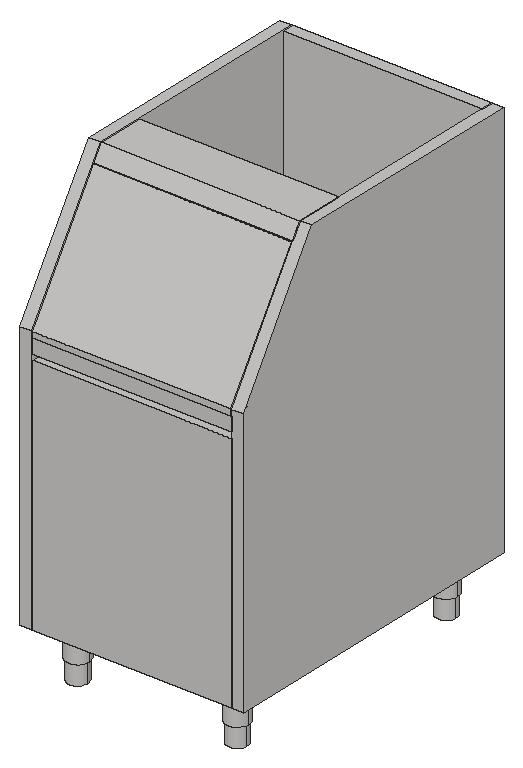
Revit family "QF_Brema_BIN110", category Specialty Equipment, Revit 2012
Parameters (values of type "BIN110")
  Width = 560 mm
  Weight = "53 kg"
  Watts = 0 W
  Volts = 0 V
  URL Cutsheet = ""
  URL = "www.bremaice.it"
  Status [instance] = ""
  Specification by User [instance] = ""
  Specification by Manufacturer [instance] = ""
  Show Logo [instance] = yes
  Show Clearance [instance] = yes
  Serial Number = ""
  Seismic Rating = ""
  SMACNA No = ""
  Revision Code [instance] = ""
  Refrigerant Volume [instance] = 0.00 kN
  Refrigerant Type = "R404A"
  Plumbing Remarks [instance] = ""
  Plumbing Connection Type [instance] = ""
  Phase = 0
  Number of Poles [instance] = 1
  NAFEM Spec ID Number = ""
  Model = "BIN110"
  Min Ckt Ampacity = 0 A
  Max Overcurrent Protection = 0 A
  Manufacturer = "BREMA"
  Item Number [instance] = ""
  Installed By [instance] = ""
  Indirect Waste Size = 1"
  Indirect Waste Radius = Indirect Waste Size / 2  # 1/2"
  Indirect Waste Flow [instance] = 0 m³/h
  Indirect Waste Connection Type [instance] = ""
  Indirect Waste Connection Height = 130 mm
  Identify Quantity as Lot [instance] = no
  Height = 1000 mm
  HP = ""
  Furnished By [instance] = ""
  Foodservice Equipment Identifier [instance] = yes
  FL Amps = 0 A
  Electrical Remarks [instance] = ""
  Electric Connection Type [instance] = ""
  Elec Conn RI Height [instance] = 0 mm
  Elec Conn Connection Height = 0 mm
  Description = "ICE STORAGE BIN"
  Depth = 815 mm
  Daily Production [instance] = "0,0 kg/24h T=21°C:15°C"
  Cycle = 0 Hz
  Conn Plug = ""
  Conn Conduit = yes
  Cold Water Temperature Recommended [instance] = 32 °C
  Cold Water Size Radius = Cold Water Size / 2  # 3/8"
  Cold Water Size = 3/4"
  Cold Water RI Height [instance] = 0 mm
  Cold Water Minimum Pressure = 1.0 bar
  Cold Water Maximum Pressure = 6.0 bar
  Cold Water Flow [instance] = 0 m³/h
  Cold Water Consumption [instance] = "0 l/kg"
  Cold Water Connection Height = 0 mm
  CSI MasterFormat = ""
  BTUH = 0 W
  Assembly Code = "E1090320"
  Apparent Power = 0 VA
Reference planes
  plane 1 "BACK": y = 0
  plane 2: z = 0
  plane 3 "LEFT": x = 0
  plane 4 "RIGHT": x = 560
  plane 5 "FRONT": y = -815
  plane 6 "TOP": z = 1130
Forms (mm)
  Extrusion 1, solid, visible <- "Show Clearance", detail levels coarse
    sketch origin (0, 0, 0) x (1, 0, 0) y (0, 1, 0)
      loop
        line (0, 50) -> (0, 0) -> (560, 0) -> (560, 50) -> (0, 50)
    from 0 to 1130
  Extrusion 2, solid
    sketch origin (585, -193.5, 130) x (-1, 0, 0) y (0, -1, 0)
      loop
        circle (305, -26.5) r 12.7
    from 0 to -20
  Extrusion 3, solid
    sketch origin (0, 0, 515) x (0, 1, 0) y (0, 0, 1)
      loop
        line (-480, 615) -> (-600, 615) -> (-622.803, 580) -> (-480, 580) -> (-480, 615)
    from 30 to 530
  Extrusion 4, solid
    sketch origin (0, 0, 30) x (0, 1, 0) y (0, 0, 1)
      loop
        line (-600, 1100) -> (-815, 770) -> (-815, 100) -> (0, 100) -> (0, 1100) -> (-600, 1100)
    from 0 to 30
  Extrusion 5, solid
    sketch origin (560, 0, 30) x (0, 1, 0) y (0, 0, 1)
      loop
        line (0, 1100) -> (-600, 1100) -> (-815, 770) -> (-815, 100) -> (0, 100) -> (0, 1100)
    from 0 to -30
  Extrusion 6, solid
    sketch origin (0, 0, 0) x (1, 0, 0) y (0, 1, 0)
      loop
        line (30, -30) -> (30, -785) -> (530, -785) -> (530, -30) -> (30, -30)
    from 130 to 150
  Extrusion 7, solid
    sketch origin (560, 0, 30) x (0, 1, 0) y (0, 0, 1)
      loop
        line (0, 1100) -> (-30, 1100) -> (-30, 100) -> (0, 100) -> (0, 1100)
    from -30 to -530
  Extrusion 8, solid
    sketch origin (-860, -815, 30) x (1, 0, 0) y (0, 0, 1)
      loop
        line (890, 705) -> (890, 100) -> (1390, 100) -> (1390, 705) -> (890, 705)
    from 0 to -30
  Extrusion 9, solid
    sketch origin (-860, -815, 170) x (1, 0, 0) y (0, 0, 1)
      loop
        line (890, 615) -> (890, 580) -> (1390, 580) -> (1390, 615) -> (890, 615)
    from 0 to -30
  Extrusion 10, solid
    sketch origin (-860, -815, 157.389) x (1, 0, 0) y (0, 0, 1)
      loop
        line (890, 592.611) -> (890, 577.611) -> (1390, 577.611) -> (1390, 592.611) -> (890, 592.611)
    from -28 to -30
  Extrusion 11, solid
    sketch origin (560, 0, 0) x (0, 1, 0) y (0, 0, 1)
      loop
        line (-624.106, 1093) -> (-815, 800) -> (-815, 785) -> (-794.935, 785) -> (-594.268, 1093) -> (-624.106, 1093)
    from -528 to -32
  Extrusion 12, solid
    sketch origin (110, -810.325, 0) x (-1, 0, 0) y (0, -1, 0)
      loop
        circle (30, -76) r 25
    from 0 to 50
  Extrusion 13, solid
    sketch origin (-280, -314.325, 130) x (-1, 0, 0) y (0, -1, 0)
      loop
        circle (-360, 420) r 29
    from -80 to 0
  Extrusion 14, solid
    sketch origin (110, -155.325, 0) x (-1, 0, 0) y (0, -1, 0)
      loop
        circle (30, -76) r 25
    from 0 to 50
  Extrusion 15, solid
    sketch origin (-280, 340.675, 130) x (-1, 0, 0) y (0, -1, 0)
      loop
        circle (-360, 420) r 29
    from -80 to 0
  Extrusion 16, solid
    sketch origin (450, -810.325, 0) x (1, 0, 0) y (0, 1, 0)
      loop
        circle (30, 76) r 25
    from 0 to 50
  Extrusion 17, solid
    sketch origin (840, -314.325, 130) x (1, 0, 0) y (0, 1, 0)
      loop
        circle (-360, -420) r 29
    from -80 to 0
  Extrusion 18, solid
    sketch origin (450, -155.325, 0) x (1, 0, 0) y (0, 1, 0)
      loop
        circle (30, 76) r 25
    from 0 to 50
  Extrusion 19, solid
    sketch origin (840, 340.675, 130) x (1, 0, 0) y (0, 1, 0)
      loop
        circle (-360, -420) r 29
    from -80 to 0
Lines and regions (mm)
  symbolic lines, style "QF_Clearances", visible <- "Show Clearance", detail levels coarse
    curve 1: line (0, 50, 0) -> (560, 50, 0)
  symbolic lines, style "200-EquipBorder-2D"
    curve 2: line (0, 0, 5) -> (560, 0, 5)
    curve 3: line (0, -815, 5) -> (0, 0, 5)
    curve 4: line (560, -815, 5) -> (0, -815, 5)
    curve 5: line (560, 0, 5) -> (560, -815, 5)
  symbolic lines, style "200-EquipInternal-2D"
    curve 6: line (30, 0, 5) -> (30, -815, 5)
    curve 7: line (530, -815, 5) -> (530, 0, 5)
    curve 8: line (30, -30, 5) -> (530, -30, 5)
    curve 9: line (30, -480, 5) -> (530, -480, 5)
    curve 10: line (30, -600, 5) -> (530, -600, 5)
    curve 11: line (30, -622.803, 5) -> (530, -622.803, 5)
Dimensions and locks
  plane 4 "RIGHT" to plane 3 "LEFT" = 560 mm
  plane 5 "FRONT" to plane 1 "BACK" = 815 mm
  plane 6 "TOP" to plane 2 = 1130 mm  (x2)
  aligned and locked: level to plane 2
  aligned and locked: plane 4 "RIGHT" to Extrusion 1
  aligned and locked: plane 6 "TOP" to Extrusion 1
  aligned and locked: plane 4 "RIGHT" to curve 1
Connectors
  piping at (280, -167, 110), driven by "Indirect Waste Flow", driven by "Indirect Waste Radius"
    settings: on Extrusion 2, index 6, connector radius 1/2", flow factor 0, pipe flow 0 m³/h, pressure drop 0.0 bar, fitting loss kfactor 0, connector angle 0.00°, fixture units 0, engagement length 0 mm, flow configuration 1, flow direction 2, fitting loss method 0, system type 16, joint type 0, gender type 0, connector reference index -1, connector utility 0, adjustable connector no, is connector primary yes, fitting loss table "", connector description "Water drain"
